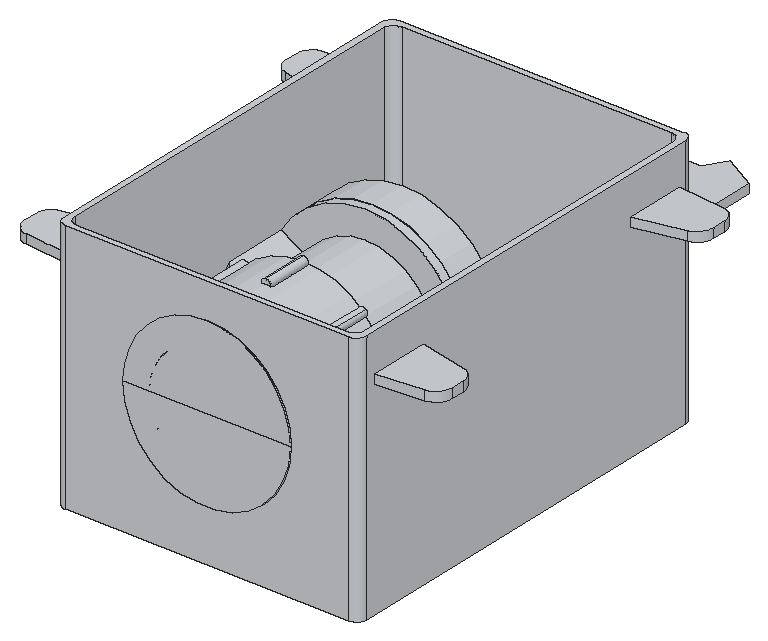
Revit family
Parameters
  Waste Connection = no
  Vent Connection = no
  URL = "www.SiouxChief.com"
  Model = "696-11P"
  Manufacturer = "Sioux Chief Manufacturing"
  Inlet Connector Type = ""
  HW Connection = no
  Frame Visibility [instance] = no
  Description = "1 1/2\" TurboVet w/Oxbox"
  Default Elevation = 40.00"
  CW Connection = no
Reference planes (in)
  plane 1 "Center (Front/Back)": y = 0
  plane 2: z = 0
  plane 3 "Center (Left/Right)": x = 0
Forms (in)
  Extrusion 1, solid, not visible
    sketch origin (0, 0, 0) x (1, 0, 0) y (0, 1, 0)
      loop
        line (-48, 48) -> (-48, -48) -> (48, -48) -> (48, 48) -> (-48, 48)
    from 0 to -12
  Extrusion 2, solid
    sketch origin (-7.70397, -2.8125, -0.625) x (1, 0, 0) y (0, 1, 0)
      loop
        line (9.74457, 5.38) -> (9.74457, 4.5495) -> (10.41144, 4.7033)
        arc (10.41144, 4.7033) -> (10.53349, 4.78027) -> (10.58107, 4.9165) r 0.2188
        line (10.58107, 4.9165) -> (10.58107, 5.0987)
        arc (10.58107, 5.0987) -> (10.52446, 5.24556) -> (10.38392, 5.31643) r 0.2188
        line (10.38392, 5.31643) -> (9.74457, 5.38)
    from 0 to 0.125
  Extrusion 3, solid
    sketch origin (7.70397, -2.8125, -0.625) x (-1, 0, 0) y (0, -1, 0)
      loop
        line (9.74457, -5.38) -> (10.38392, -5.31643)
        arc (10.38392, -5.31643) -> (10.52446, -5.24556) -> (10.58107, -5.0987) r 0.2188
        line (10.58107, -5.0987) -> (10.58107, -4.9165)
        arc (10.58107, -4.9165) -> (10.53349, -4.78027) -> (10.41144, -4.7033) r 0.2188
        line (10.41144, -4.7033) -> (9.74457, -4.5495) -> (9.74457, -5.38)
    from 0 to 0.125
  Extrusion 4, solid
    sketch origin (-7.70397, 2.8125, -0.625) x (1, 0, 0) y (0, 1, 0)
      loop
        line (9.74457, -5.38) -> (10.38392, -5.31643)
        arc (10.38392, -5.31643) -> (10.52446, -5.24556) -> (10.58107, -5.0987) r 0.2188
        line (10.58107, -5.0987) -> (10.58107, -4.9165)
        arc (10.58107, -4.9165) -> (10.53349, -4.78027) -> (10.41144, -4.7033) r 0.2188
        line (10.41144, -4.7033) -> (9.74457, -4.5495) -> (9.74457, -5.38)
    from 0 to 0.125
  Extrusion 5, solid
    sketch origin (7.70397, 2.8125, -0.625) x (-1, 0, 0) y (0, -1, 0)
      loop
        line (9.74457, 5.38) -> (9.74457, 4.5495) -> (10.41144, 4.7033)
        arc (10.41144, 4.7033) -> (10.53349, 4.78027) -> (10.58107, 4.9165) r 0.2188
        line (10.58107, 4.9165) -> (10.58107, 5.0987)
        arc (10.58107, 5.0987) -> (10.52446, 5.24556) -> (10.38392, 5.31643) r 0.2188
        line (10.38392, 5.31643) -> (9.74457, 5.38)
    from 0 to 0.125
  Extrusion 6, void
    sketch origin (0, -2.8125, -3.75) x (1, 0, 0) y (0, 1, 0)
      loop
        arc (-1.81428, 5.535) -> (-1.91067, 5.49507) -> (-1.9506, 5.39868) r 0.13632
        line (-1.9506, 5.39868) -> (-1.9506, 0.21279)
        arc (-1.9506, 0.21279) -> (-1.91067, 0.11639) -> (-1.81428, 0.07647) r 0.13632
        line (-1.81428, 0.07647) -> (1.81428, 0.07647)
        arc (1.81428, 0.07647) -> (1.91067, 0.11639) -> (1.9506, 0.21279) r 0.13632
        line (1.9506, 0.21279) -> (1.9506, 5.39868)
        arc (1.9506, 5.39868) -> (1.91067, 5.49507) -> (1.81428, 5.535) r 0.13632
        line (1.81428, 5.535) -> (-1.81428, 5.535)
    from 0.47737 to 3.75
  Extrusion 7, solid
    sketch origin (7, -2.8125, -3.75) x (1, 0, 0) y (0, 1, 0)
      loop
        arc (-8.90741, 5.625) -> (-9.00159, 5.58599) -> (-9.0406, 5.49181) r 0.13319
        line (-9.0406, 5.49181) -> (-9.0406, 0.13319)
        arc (-9.0406, 0.13319) -> (-9.00159, 0.03901) -> (-8.90741, 0) r 0.13319
        line (-8.90741, 0) -> (-5.09259, 0)
        arc (-5.09259, 0) -> (-4.99841, 0.03901) -> (-4.9594, 0.13319) r 0.13319
        line (-4.9594, 0.13319) -> (-4.9594, 5.49181)
        arc (-4.9594, 5.49181) -> (-4.99841, 5.58599) -> (-5.09259, 5.625) r 0.13319
        line (-5.09259, 5.625) -> (-8.90741, 5.625)
    from 0.33616 to 3.75
  Extrusion 8, solid
    sketch origin (7, -2.8125, -4.09216) x (1, 0, 0) y (0, 1, 0)
      loop
        line (-8.5603, 6.3475) -> (-8.7288, 6.62451) -> (-9.1936, 6.35561) -> (-9.1936, 5.62871) -> (-9.0406, 5.47571) -> (-8.85627, 5.625) -> (-5.10627, 5.625) -> (-4.95819, 5.47692) -> (-4.8064, 5.62871) -> (-4.8064, 6.35561) -> (-5.2712, 6.62451) -> (-5.4397, 6.3475) -> (-8.5603, 6.3475)
    from 3.125 to 3.25
  Sweep 9, solid, not visible
    path origin (0, 0, 0) x (1, 0, 0) y (0, 0, 1)
      loop
        line (-1.7174, 2.5401) -> (-1.7174, -2.5401) -> (1.7174, -2.5401) -> (1.7174, 2.5401) -> (-1.7174, 2.5401)
    profile origin (-1.7174, 0, 0) x (0, -1, 0) y (1, 0, 0)
      loop
        line (0, 0) -> (0, -1.1782) -> (0.125, -1.1782)
        arc (0.125, -1.1782) -> (0.18244, -0.8066) -> (0.29371, -0.44742) r 2.55875
        arc (0.29371, -0.44742) -> (0.35615, -0.22767) -> (0.375, 0) r 1.17785
        line (0.375, 0) -> (0, 0)
  Sweep 10, solid, visible <- "Frame Visibility"
    path origin (0, 0, 0) x (1, 0, 0) y (0, 1, 0)
      loop
        line (-1.7174, 2.5401) -> (-1.7174, -2.5401) -> (1.7174, -2.5401) -> (1.7174, 2.5401) -> (-1.7174, 2.5401)
    profile origin (-1.7174, 0, 0) x (1, 0, 0) y (0, 0, 1)
      loop
        line (0, 0) -> (0, 0.375)
        arc (0, 0.375) -> (-0.22767, 0.35615) -> (-0.44742, 0.29371) r 1.17785
        arc (-0.44742, 0.29371) -> (-0.8066, 0.18244) -> (-1.1782, 0.125) r 2.55875
        line (-1.1782, 0.125) -> (-1.1782, 0) -> (0, 0)
  Revolve 11, solid, not visible
    sketch origin (0, 0, 0) x (1, 0, 0) y (0, 0, 1)
      loop
        line (0, 0) -> (0.93075, 0) -> (0.93075, 0.7565) -> (1.21535, 0.7565)
        arc (1.21535, 0.7565) -> (1.27521, 0.78129) -> (1.3, 0.84115) r 0.08465
        line (1.3, 0.84115) -> (1.3, 1.8034) -> (0, 1.8034) -> (0, 0)
      axis (0, 1.8034) -> (0, 0)
    angle from 0 to 360
  Extrusion 12, void, not visible
    sketch origin (0.93075, -180, 0.7565) x (0, -1, 0) y (-1, 0, 0)
      loop
        line (-179.53502, 0.12538) -> (-179.35, -0.19508)
        arc (-179.35, -0.19508) -> (-178.7, 0.93075) -> (-179.35, 2.05658) r 1.3
        line (-179.35, 2.05658) -> (-179.53502, 1.73612)
        arc (-179.53502, 1.73612) -> (-179.07004, 0.93075) -> (-179.53502, 0.12538) r 0.92996
    from 0 to -0.9219
  Extrusion 13, void, not visible
    sketch origin (0.93075, 180, 0.7565) x (0, -1, 0) y (-1, 0, 0)
      loop
        arc (179.53502, 0.12538) -> (179.07004, 0.93075) -> (179.53502, 1.73612) r 0.92996
        line (179.53502, 1.73612) -> (179.35, 2.05658)
        arc (179.35, 2.05658) -> (178.7, 0.93075) -> (179.35, -0.19508) r 1.3
        line (179.35, -0.19508) -> (179.53502, 0.12538)
    from 0 to -0.9219
  Extrusion 14, void, not visible
    sketch origin (0.93075, -180, 0.7565) x (0, -1, 0) y (-1, 0, 0)
      loop
        line (-180.0755, 1.00322) -> (-180.0755, 0.84882) -> (-179.9245, 0.84882) -> (-179.9245, 1.00322) -> (-180.0755, 1.00322)
    from 0 to 0.7565
  Revolve 15, solid, not visible
    sketch origin (0, 0, 0) x (1, 0, 0) y (0, 0, 1)
      loop
        line (0, 0.64176) -> (0, -0.98324) -> (1.125, -0.98324) -> (1.125, 0.64176) -> (0, 0.64176)
      axis (0, -0.98324) -> (0, 0.64176)
    angle from 0 to 360
  Extrusion 16, solid, not visible
    sketch origin (0.93075, -180, 0.7565) x (0, -1, 0) y (-1, 0, 0)
      loop
        circle (-180, 2.05575) r 0.0625
      loop
        circle (-180.7955, 0.13525) r 0.0625
      loop
        circle (-181.125, 0.93075) r 0.0625
      loop
        circle (-180.7955, 1.72625) r 0.0625
      loop
        circle (-180, -0.19425) r 0.0625
      loop
        circle (-179.2045, 0.13525) r 0.0625
      loop
        circle (-178.875, 0.93075) r 0.0625
      loop
        circle (-179.2045, 1.72625) r 0.0625
    from 0.11474 to 0.73974
  Extrusion 17, void, not visible
    sketch origin (0, 0, -0.98324) x (1, 0, 0) y (0, -1, 0)
      loop
        circle (0, 0) r 0.7808
    from 0 to -1.625
  Revolve 18, solid, not visible
    sketch origin (0, 0, 0) x (1, 0, 0) y (0, 0, 1)
      loop
        line (-1.3, 1.8034) -> (0, 1.8034) -> (0, 2.3182) -> (-1.3, 2.3182) -> (-1.3, 1.8034)
      axis (0, 2.3182) -> (0, 1.8034)
    angle from 0 to 360
  Revolve 19, solid
    sketch origin (0, -1.8398, -1.58931) x (1, 0, 0) y (0, 1, 0)
      loop
        line (0, 0) -> (0.93075, 0) -> (0.93075, 0.7565) -> (1.21535, 0.7565)
        arc (1.21535, 0.7565) -> (1.27521, 0.78129) -> (1.3, 0.84115) r 0.08465
        line (1.3, 0.84115) -> (1.3, 1.8034) -> (0, 1.8034) -> (0, 0)
      axis (0, 1.8034) -> (0, 0)
    angle from 0 to 360
  Extrusion 20, void
    sketch origin (0.93075, -1.0833, 178.41069) x (1, 0, 0) y (0, 0, 1)
      loop
        line (-0.12538, -179.53502) -> (0.19508, -179.35)
        arc (0.19508, -179.35) -> (-0.93075, -178.7) -> (-2.05658, -179.35) r 1.3
        line (-2.05658, -179.35) -> (-1.73612, -179.53502)
        arc (-1.73612, -179.53502) -> (-0.93075, -179.07004) -> (-0.12538, -179.53502) r 0.92996
    from 0 to -0.9219
  Extrusion 21, void
    sketch origin (0.93075, -1.0833, -181.58931) x (1, 0, 0) y (0, 0, 1)
      loop
        arc (-0.12538, 179.53502) -> (-0.93075, 179.07004) -> (-1.73612, 179.53502) r 0.92996
        line (-1.73612, 179.53502) -> (-2.05658, 179.35)
        arc (-2.05658, 179.35) -> (-0.93075, 178.7) -> (0.19508, 179.35) r 1.3
        line (0.19508, 179.35) -> (-0.12538, 179.53502)
    from 0 to -0.9219
  Extrusion 22, void
    sketch origin (0.93075, -1.0833, 178.41069) x (1, 0, 0) y (0, 0, 1)
      loop
        line (-1.00322, -180.0755) -> (-0.84882, -180.0755) -> (-0.84882, -179.9245) -> (-1.00322, -179.9245) -> (-1.00322, -180.0755)
    from 0 to 0.7565
  Revolve 23, solid
    sketch origin (0, -1.8398, -1.58931) x (1, 0, 0) y (0, 1, 0)
      loop
        line (0, 0.64176) -> (0, -0.98324) -> (1.125, -0.98324) -> (1.125, 0.64176) -> (0, 0.64176)
      axis (0, -0.98324) -> (0, 0.64176)
    angle from 0 to 360
  Extrusion 24, solid
    sketch origin (0.93075, -1.0833, 178.41069) x (1, 0, 0) y (0, 0, 1)
      loop
        circle (-2.05575, -180) r 0.0625
      loop
        circle (-0.13525, -180.7955) r 0.0625
      loop
        circle (-0.93075, -181.125) r 0.0625
      loop
        circle (-1.72625, -180.7955) r 0.0625
      loop
        circle (0.19425, -180) r 0.0625
      loop
        circle (-0.13525, -179.2045) r 0.0625
      loop
        circle (-0.93075, -178.875) r 0.0625
      loop
        circle (-1.72625, -179.2045) r 0.0625
    from 0.11474 to 0.73974
  Extrusion 25, void
    sketch origin (0, -2.82305, -1.58931) x (0, 0, -1) y (1, 0, 0)
      loop
        circle (0, 0) r 0.7808
    from 0 to -1.625
  Revolve 26, solid
    sketch origin (0, -1.8398, -1.58931) x (1, 0, 0) y (0, 1, 0)
      loop
        line (-1.3, 1.8034) -> (0, 1.8034) -> (0, 2.3182) -> (-1.3, 2.3182) -> (-1.3, 1.8034)
      axis (0, 2.3182) -> (0, 1.8034)
    angle from 0 to 360
Cuts and joins
  Extrusion 6, Extrusion 22, Extrusion 25 cuts Extrusion 7
  Extrusion 20 cuts Revolve 19
  Extrusion 22 cuts Sweep 10
  Extrusion 22 cuts Revolve 23
  Extrusion 22 cuts Extrusion 24
Lines and regions (in)
  model lines
    curve 1: circle (2.6206, 2.1725, -0.5) r 0.09 normal (0, 0, 1)
    curve 2: circle (-2.6206, 2.1725, -0.5) r 0.09 normal (0, 0, -1)
    curve 3: circle (2.6206, -2.1725, -0.5) r 0.09 normal (0, 0, -1)
    curve 4: circle (-2.6206, -2.1725, -0.5) r 0.09 normal (0, 0, 1)
    curve 5: line (-0.2884, 2.8125, -0.84216) -> (-0.2884, 3.535, -0.84216)
    curve 6: line (0.3116, 2.8125, -0.84216) -> (0.3116, 3.535, -0.84216)
    curve 7: line (0.9116, 2.8125, -0.84216) -> (0.9116, 3.535, -0.84216)
    curve 8: line (-0.8884, 2.8125, -0.84216) -> (-0.8884, 3.535, -0.84216)
    curve 9: line (-1.4884, 2.8125, -0.84216) -> (-1.4884, 3.535, -0.84216)
    curve 10: line (1.5116, 2.8125, -0.84216) -> (1.5116, 3.535, -0.84216)
    curve 11: line (-1.6414, 2.8125, -0.84216) -> (-1.6414, 3.535, -0.84216)
    curve 12: line (-1.5603, 3.535, -0.84216) -> (-1.6414, 3.535, -0.84216)
    curve 13: line (-1.6414, 3.535, -0.84216) -> (-1.70032, 3.31511, -0.84216)
    curve 14: line (-1.70032, 3.31511, -0.84216) -> (-2.1936, 3.10261, -0.84216)
    curve 15: line (1.5603, 3.535, -0.84216) -> (1.6414, 3.535, -0.84216)
    curve 16: line (1.6414, 3.535, -0.84216) -> (1.70032, 3.31511, -0.84216)
    curve 17: line (1.70032, 3.31511, -0.84216) -> (2.1936, 3.10261, -0.84216)
    curve 18: line (-1.8226, 3.55987, -0.84216) -> (-1.8226, 3.37958, -0.84216)
    curve 19: line (-1.8226, 3.37958, -0.84216) -> (-2.00154, 3.3025, -0.84216)
    curve 20: line (-2.00154, 3.3025, -0.84216) -> (-2.00154, 3.48278, -0.84216)
    curve 21: line (-1.8226, 3.55987, -0.84216) -> (-2.00154, 3.48278, -0.84216)
    curve 22: line (1.8226, 3.55987, -0.84216) -> (1.8226, 3.37958, -0.84216)
    curve 23: line (1.8226, 3.37958, -0.84216) -> (2.00154, 3.3025, -0.84216)
    curve 24: line (2.00154, 3.3025, -0.84216) -> (2.00154, 3.48278, -0.84216)
    curve 25: line (1.8226, 3.55987, -0.84216) -> (2.00154, 3.48278, -0.84216)
    curve 42: line (0.88555, 0.4784, -1.58931) -> (1.24582, 0.4784, -1.58931)
    curve 43: arc (1.24582, 0.4784, -1.58931) -> (0.98666, 0.4784, -1.22609) -> (0.62618, 0.4784, -0.96313) r 1.39666
    curve 44: line (0.62618, 0.4784, -0.96313) -> (0.88093, 0.4784, -0.70838)
    curve 45: arc (0.88093, 0.4784, -0.70838) -> (0.44084, 0.4784, -0.6348) -> (0, 0.4784, -0.70376) r 1.39666
    curve 46: line (0, 0.4784, -0.70376) -> (0, 0.4784, -0.34349)
    curve 47: arc (0, 0.4784, -0.34349) -> (-0.36322, 0.4784, -0.60265) -> (-0.62618, 0.4784, -0.96313) r 1.39666
    curve 48: line (-0.62618, 0.4784, -0.96313) -> (-0.88093, 0.4784, -0.70838)
    curve 49: arc (-0.88093, 0.4784, -0.70838) -> (-0.95451, 0.4784, -1.14847) -> (-0.88555, 0.4784, -1.58931) r 1.39666
    curve 50: line (-0.88555, 0.4784, -1.58931) -> (-1.24582, 0.4784, -1.58931)
    curve 51: arc (-1.24582, 0.4784, -1.58931) -> (-0.98666, 0.4784, -1.95253) -> (-0.62618, 0.4784, -2.21549) r 1.39666
    curve 52: line (-0.62618, 0.4784, -2.21549) -> (-0.88093, 0.4784, -2.47024)
    curve 53: arc (-0.88093, 0.4784, -2.47024) -> (-0.44084, 0.4784, -2.54382) -> (0, 0.4784, -2.47486) r 1.39666
    curve 54: line (0, 0.4784, -2.47486) -> (0, 0.4784, -2.83513)
    curve 55: arc (0, 0.4784, -2.83513) -> (0.36322, 0.4784, -2.57597) -> (0.62618, 0.4784, -2.21549) r 1.39666
    curve 56: line (0.62618, 0.4784, -2.21549) -> (0.88093, 0.4784, -2.47024)
    curve 57: arc (0.88093, 0.4784, -2.47024) -> (0.95451, 0.4784, -2.03015) -> (0.88555, 0.4784, -1.58931) r 1.39666
  model lines, not visible
    curve 26: line (0.88555, 0, 2.3182) -> (1.24582, 0, 2.3182)
    curve 27: arc (1.24582, 0, 2.3182) -> (0.98666, -0.36322, 2.3182) -> (0.62618, -0.62618, 2.3182) r 1.39666
    curve 28: line (0.62618, -0.62618, 2.3182) -> (0.88093, -0.88093, 2.3182)
    curve 29: arc (0.88093, -0.88093, 2.3182) -> (0.44084, -0.95451, 2.3182) -> (0, -0.88555, 2.3182) r 1.39666
    curve 30: line (0, -0.88555, 2.3182) -> (0, -1.24582, 2.3182)
    curve 31: arc (0, -1.24582, 2.3182) -> (-0.36322, -0.98666, 2.3182) -> (-0.62618, -0.62618, 2.3182) r 1.39666
    curve 32: line (-0.62618, -0.62618, 2.3182) -> (-0.88093, -0.88093, 2.3182)
    curve 33: arc (-0.88093, -0.88093, 2.3182) -> (-0.95451, -0.44084, 2.3182) -> (-0.88555, 0, 2.3182) r 1.39666
    curve 34: line (-0.88555, 0, 2.3182) -> (-1.24582, 0, 2.3182)
    curve 35: arc (-1.24582, 0, 2.3182) -> (-0.98044, 0.36947, 2.3182) -> (-0.6104, 0.63407, 2.3182) r 1.39666
    curve 36: line (-0.62618, 0.62618, 2.3182) -> (-0.88093, 0.88093, 2.3182)
    curve 37: arc (-0.88093, 0.88093, 2.3182) -> (-0.43202, 0.95453, 2.3182) -> (0.01674, 0.87997, 2.3182) r 1.39666
    curve 38: line (0, 0.88555, 2.3182) -> (0, 1.24582, 2.3182)
    curve 39: arc (0, 1.24582, 2.3182) -> (0.36322, 0.98666, 2.3182) -> (0.62618, 0.62618, 2.3182) r 1.39666
    curve 40: line (0.62618, 0.62618, 2.3182) -> (0.88093, 0.88093, 2.3182)
    curve 41: arc (0.88093, 0.88093, 2.3182) -> (0.95451, 0.44084, 2.3182) -> (0.88555, 0, 2.3182) r 1.39666
Dimensions and locks (in)
  locked: cut or joined group of Extrusion 6, Extrusion 7, Extrusion 22, Extrusion 25 to plane 1 "Center (Front/Back)" at 2.8125
  locked: cut or joined group of Extrusion 6, Extrusion 7, Extrusion 22, Extrusion 25 to cut or joined group of Extrusion 6, Extrusion 7, Extrusion 22, Extrusion 25 at 5.625
  aligned and locked: plane 2 to Extrusion 1
  aligned and locked: level to Extrusion 1
  aligned and locked: Extrusion 7 to Extrusion 2
  aligned: Extrusion 7 to level
  aligned and locked: Extrusion 2 to Extrusion 4
  aligned and locked: Extrusion 6 to Extrusion 7
Connectors (in)
  piping at (0, -2.8125, -1.58931)
    settings: on cut or joined group of Extrusion 6, Extrusion 7, Extrusion 22, Extrusion 25, index 1, connector radius 3/4", flow factor 0, pipe flow 0 GPM, pressure drop 0.00 psi, fitting loss kfactor 0, connector angle 0.00°, fixture units 0, flow configuration 0, flow direction 1, fitting loss method 0, system type 22, connector reference index -1, connector utility 0, adjustable connector no, is connector primary yes, fitting loss table "", connector description "1 1/2\" PVC"
